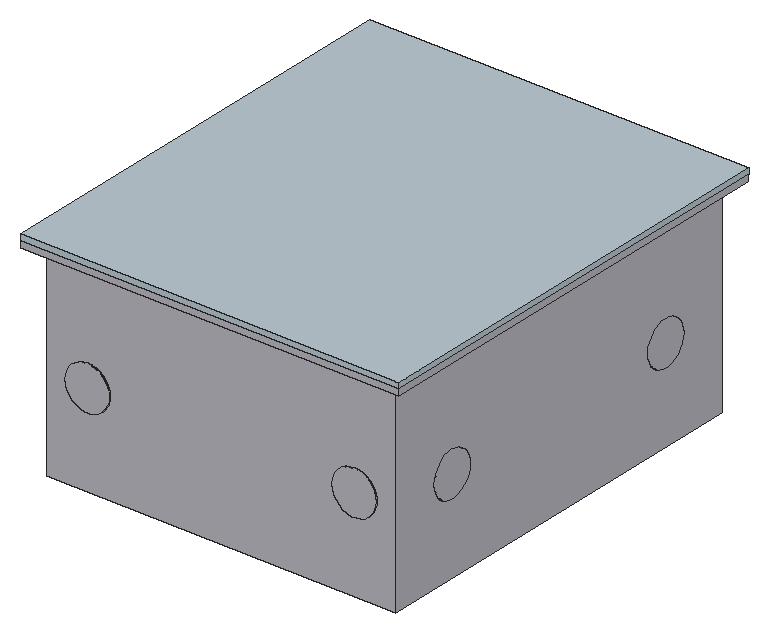
Revit family "Electrical_Equipment-Floor_Box-Hubbell_Wiring-8_Gang-Ball_Room-CFB8FC2", category Electrical Fixtures, host Face, Revit 2015
Parameters (values of type "CFB8FC2")
  URL = "http://www.hubbell-wiring.com/"
  Product data url = "https://bimobject.com/hubbellwiring/product/hubbell-cfb8fc2"
  Product Page URL = "http://ecatalog.hubbell-wiring.com/productinformation/viewcatalog.aspx?Dest=hubbell-wiring.com/press/catalog/O.pdf"
  Product Documentation Link = "http://www.hubbell-wiring.com/press/pdfs/WLBD002.pdf"
  Model = "CFB8FC2"  # constant formula
  Manufacturer = "Hubbell-Wiring"  # constant formula
  Keynote = ""
  Description = "Recessed Ballroom Series Floor Boxes 8 Gang, Finished Concrete"  # constant formula
  Default Elevation = 0.00"
  Cover Type [instance] = Covers : CFB8CVRALU2
  Conduit Connector_9 Description = "Conduit 1.5in, 1.25in. or 1in. Connection"
  Conduit Connector_8 Description = "Conduit 1.5in, 1.25in. or 1in. Connection"
  Conduit Connector_7 Description = "Conduit 1.5in, 1.25in. or 1in. Connection"
  Conduit Connector_6 Description = "Conduit 1.5in, 1.25in. or 1in. Connection"
  Conduit Connector_5 Description = "Conduit 1.5in, 1.25in. or 1in. Connection"
  Conduit Connector_4 Description = "Conduit 1.5in, 1.25in. or 1in. Connection"
  Conduit Connector_3 Description = "Conduit 1.5in, 1.25in. or 1in. Connection"
  Conduit Connector_2 Description = "Conduit 1.5in, 1.25in. or 1in. Connection"
  Conduit Connector_12 Description = "Conduit 1.5in, 1.25in. or 1in. Connection"
  Conduit Connector_11 Description = "Conduit 1.5in, 1.25in. or 1in. Connection"
  Conduit Connector_10 Description = "Conduit 1.5in, 1.25in. or 1in. Connection"
  Conduit Connector_1 Description = "Conduit 1.5in, 1.25in. or 1in. Connection"
  Conduit Connector 1 Radius = 0.75"
  Box Material = Metal - Hubbell - Steel
  Assembly Code = "D5020115"
Reference planes (in)
  plane 1 "Center (Front/Back)": y = 0
  plane 2 "Reference level": z = 0
  plane 3 "Center (Left/Right)": x = 0
  plane 4: z = -7.15
  plane 5: y = -7.375
  plane 6: y = 7.375
  plane 7: x = -6.375
  plane 8: x = 6.375
  plane 9: x = -5.875
  plane 10: y = 6.875
  plane 11: y = -6.875
  plane 12: x = 5.875
  plane 13: z = -6.45
  plane 14: x = -4.5
  plane 15: x = 4.5
  plane 16: y = 4.5
  plane 17: y = -4.5
  plane 18: z = -4
  plane 19: x = -5.885
  plane 20: y = -6.885
  plane 21: x = 5.885
  plane 22: y = 6.885
  plane 23: z = -7.16
Forms (in)
  Extrusion 1, solid, material "Metal - Hubbell - Steel" <- "Box Material"
    sketch origin (0, 0, 0) x (1, 0, 0) y (0, 1, 0)
      loop
        line (-5.875, 6.875) -> (-5.875, -6.875) -> (5.875, -6.875) -> (5.875, 6.875) -> (-5.875, 6.875)
    from -7.15 to -6.45
  Extrusion 2, solid, material "Metal - Hubbell - Steel" <- "Box Material", detail levels medium+fine
    sketch origin (0, 0, 0) x (1, 0, 0) y (0, 0, 1)
      loop
        circle (-4.5, -4) r 0.75
      loop
        circle (4.5, -4) r 0.75
    from 6.875 to 6.885
  Extrusion 3, solid, material "Metal - Hubbell - Steel" <- "Box Material", detail levels medium+fine
    sketch origin (0, 0, 0) x (1, 0, 0) y (0, 0, -1)
      loop
        circle (-4.5, 4) r 0.75
      loop
        circle (4.5, 4) r 0.75
    from 6.875 to 6.885
  Extrusion 4, solid, material "Metal - Hubbell - Steel" <- "Box Material", detail levels medium+fine
    sketch origin (0, 0, 0) x (0, 1, 0) y (0, 0, 1)
      loop
        circle (4.5, -4) r 0.75
      loop
        circle (-4.5, -4) r 0.75
    from -5.885 to -5.875
  Extrusion 5, solid, material "Metal - Hubbell - Steel" <- "Box Material", detail levels medium+fine
    sketch origin (0, 0, 0) x (0, 1, 0) y (0, 0, -1)
      loop
        circle (4.5, 4) r 0.75
      loop
        circle (-4.5, 4) r 0.75
    from -5.885 to -5.875
  Extrusion 6, solid, material "Metal - Hubbell - Steel" <- "Box Material", detail levels medium+fine
    sketch origin (0, 0, 0) x (1, 0, 0) y (0, 1, 0)
      loop
        circle (-4.5, 4.5) r 0.75
      loop
        circle (4.5, 4.5) r 0.75
      loop
        circle (-4.5, -4.5) r 0.75
      loop
        circle (4.5, -4.5) r 0.75
    from -7.16 to -7.15
  Sweep 7, solid, material "Metal - Hubbell - Steel" <- "Box Material"
    path origin (0, 0, 0) x (1, 0, 0) y (0, 1, 0)
      loop
        line (-6.375, 7.375) -> (-6.375, -7.375) -> (6.375, -7.375) -> (6.375, 7.375) -> (-6.375, 7.375)
    profile origin (-6.375, 0, 0) x (1, 0, 0) y (0, 0, 1)
      loop
        line (0, -0.2) -> (0.5, -0.2) -> (0.5, -6.45) -> (0.75, -6.45) -> (0.75, 0) -> (0, 0) -> (0, -0.2)
  Extrusion 8, void
    sketch origin (0, 0, 0) x (1, 0, 0) y (0, 1, 0)
      loop
        line (-6.375, 7.375) -> (-6.375, -7.375) -> (6.375, -7.375) -> (6.375, 7.375) -> (-6.375, 7.375)
    from -7.16 to 0
Cuts and joins
  joined: Extrusion 1, Sweep 7
Lines and regions (in)
  symbolic lines
    curve 1: line (-5.875, 0, 0) -> (-5.875, 0, -7.15)
    curve 2: line (-5.875, 0, -7.15) -> (5.875, 0, -7.15)
    curve 3: line (5.875, 0, -7.15) -> (5.875, 0, 0)
    curve 4: line (0, -6.875, 0) -> (0, -6.875, -7.15)
    curve 5: line (0, -6.875, -7.15) -> (0, 6.875, -7.15)
    curve 6: line (0, 6.875, -7.15) -> (0, 6.875, 0)
    curve 7: line (-6.375, 7.375, 0) -> (6.375, 7.375, 0)
    curve 8: line (-6.375, -7.375, 0) -> (-6.375, 7.375, 0)
    curve 9: line (6.375, -7.375, 0) -> (-6.375, -7.375, 0)
    curve 10: line (6.375, 7.375, 0) -> (6.375, -7.375, 0)
Dimensions and locks (in)
  plane 4 to plane 2 "Reference level" = 7.15"
  equal spacing: plane 6, plane 1 "Center (Front/Back)", plane 5
  plane 6 to plane 5 = 14.75"
  equal spacing: plane 7, plane 3 "Center (Left/Right)", plane 8
  plane 7 to plane 8 = 12.75"
  equal spacing: plane 9, plane 3 "Center (Left/Right)", plane 12
  equal spacing: plane 10, plane 1 "Center (Front/Back)", plane 11
  plane 6 to plane 10 = 0.50"
  plane 12 to plane 8 = 0.50"
  equal spacing: plane 14, nested 1, plane 15
  plane 14 to nested 1 = 4.50"
  equal spacing: plane 16, plane 1 "Center (Front/Back)", plane 17
  plane 16 to plane 1 "Center (Front/Back)" = 4.50"
  plane 2 "Reference level" to plane 18 = 4.00"
  "Conduit Connector 1 Radius": radius of Extrusion 2 sketch curve  (x2)
  "Conduit Connector 1 Radius": radius of Extrusion 3 sketch curve  (x2)
  "Conduit Connector 1 Radius": radius of Extrusion 4 sketch curve  (x2)
  "Conduit Connector 1 Radius": radius of Extrusion 5 sketch curve  (x2)
  "Conduit Connector 1 Radius": radius of Extrusion 6 sketch curve  (x4)
  aligned and locked: host face to plane 2 "Reference level"
  aligned and locked: level to host face
  aligned and locked: Extrusion 1 to plane 4
  aligned and locked: plane 3 "Center (Left/Right)" to nested 1
  aligned and locked: plane 1 "Center (Front/Back)" to nested 1
  aligned and locked: curve 2 to plane 4
  aligned and locked: plane 18 to Extrusion 2 sketch curve  (x2)
  aligned and locked: plane 14 to Extrusion 2 sketch curve
  aligned and locked: plane 15 to Extrusion 2 sketch curve
  aligned and locked: Extrusion 2 to plane 20
  aligned and locked: plane 22 to Extrusion 3
  aligned and locked: plane 15 to Extrusion 3 sketch curve
  aligned and locked: plane 18 to Extrusion 3 sketch curve  (x2)
  aligned and locked: plane 14 to Extrusion 3 sketch curve
  aligned and locked: plane 16 to Extrusion 4 sketch curve
  aligned and locked: plane 17 to Extrusion 4 sketch curve
  aligned and locked: plane 18 to Extrusion 4 sketch curve  (x2)
  aligned and locked: Extrusion 4 to plane 19
  aligned and locked: plane 21 to Extrusion 5
  aligned and locked: plane 14 to Extrusion 6 sketch curve  (x2)
  aligned and locked: plane 16 to Extrusion 6 sketch curve  (x2)
  aligned and locked: plane 15 to Extrusion 6 sketch curve  (x2)
  aligned and locked: plane 17 to Extrusion 6 sketch curve  (x2)
  aligned and locked: Extrusion 6 to plane 23
  aligned and locked: plane 4 to Extrusion 6
  aligned and locked: Extrusion 1 sketch curve to plane 10
  aligned and locked: plane 9 to Extrusion 1 sketch curve
  aligned and locked: plane 11 to Extrusion 1 sketch curve
  aligned and locked: Extrusion 1 sketch curve to plane 12
  aligned and locked: Extrusion 5 to Extrusion 1
  aligned and locked: Extrusion 3 to Extrusion 1
  aligned and locked: Extrusion 4 to Extrusion 1
  aligned and locked: Extrusion 2 to Extrusion 1
  aligned and locked: Sweep 7 sketch curve to plane 6
  aligned and locked: Sweep 7 sketch curve to plane 7
  aligned and locked: Sweep 7 sketch curve to plane 5
  aligned and locked: Sweep 7 sketch curve to plane 8
  aligned and locked: Sweep 7 sketch curve to plane 13
  aligned and locked: plane 2 "Reference level" to Sweep 7 sketch curve
  aligned and locked: Sweep 7 sketch curve to plane 9
  aligned and locked: plane 8 to Extrusion 8
  aligned and locked: plane 6 to Extrusion 8
  aligned and locked: Extrusion 8 to plane 7
  aligned and locked: Extrusion 8 to plane 5
  aligned and locked: plane 2 "Reference level" to Extrusion 8
  aligned and locked: Extrusion 8 to Extrusion 6
  aligned and locked: plane 13 to Extrusion 1
  aligned and locked: curve 6 to plane 10
  aligned and locked: plane 11 to curve 4
  aligned and locked: curve 7 to nested 1
  aligned and locked: curve 8 to nested 1
  aligned and locked: curve 9 to nested 1
  aligned and locked: curve 10 to nested 1
  aligned and locked: curve 3 to plane 12
  aligned and locked: plane 9 to curve 1
  aligned and locked: plane 18 to Extrusion 5 sketch curve  (x2)
  aligned and locked: plane 16 to Extrusion 5 sketch curve
  aligned and locked: plane 17 to Extrusion 5 sketch curve
Automatic sketch dimensions
  host sketch curve to host sketch curve = 96.00"  (x2)
  profile plane to Sweep 7 sketch curve = 0.00"
  Sweep 7 sketch curve to level = 0.20"
  Sweep 7 sketch curve to Sweep 7 sketch curve = 0.25"
  curve 5 to plane 4 = 0.00"
  Extrusion 8 sketch curve to plane 5 = 0.00"
  Extrusion 8 sketch curve to plane 7 = 0.00"
  plane 7 to Extrusion 8 sketch curve = 12.75"
  plane 6 to Extrusion 8 sketch curve = 0.00"
  curve 6 to level = 0.00"
  curve 4 to level = 0.00"
  curve 3 to level = 0.00"
  curve 1 to level = 0.00"
Nested families (in)
  nested 1: "Covers" at (0, 0, 0), type <- "Cover Type", type "CFB8CVRALU2"
Connectors (in)
  cabletrayconduit at (-4.5, -6.885, -4), diameter 1.5, driven by "Conduit Connector 1 Radius", driven by "Conduit Connector_1 Description"
    settings: on Extrusion 2, index 1, connector width 12.00", connector height 12.00", connector angle 0.00°, system type 32, placement type 0, profile type 0, connector reference index -1, is primary connector yes, connector utility param no, connector description "Conduit 1.5in, 1.25in. or 1in. Connection"
  cabletrayconduit at (4.5, -6.885, -4), diameter 1.5, driven by "Conduit Connector 1 Radius", driven by "Conduit Connector_2 Description"
    settings: on Extrusion 2, index 2, connector width 12.00", connector height 12.00", connector angle 0.00°, system type 32, placement type 0, profile type 0, connector reference index -1, is primary connector no, connector utility param no, connector description "Conduit 1.5in, 1.25in. or 1in. Connection"
  cabletrayconduit at (5.885, -4.5, -4), diameter 1.5, driven by "Conduit Connector 1 Radius", driven by "Conduit Connector_3 Description"
    settings: on Extrusion 5, index 3, connector width 12.00", connector height 12.00", connector angle 0.00°, system type 32, placement type 0, profile type 0, connector reference index -1, is primary connector no, connector utility param no, connector description "Conduit 1.5in, 1.25in. or 1in. Connection"
  cabletrayconduit at (5.885, 4.5, -4), diameter 1.5, driven by "Conduit Connector 1 Radius", driven by "Conduit Connector_4 Description"
    settings: on Extrusion 5, index 4, connector width 12.00", connector height 12.00", connector angle 0.00°, system type 32, placement type 0, profile type 0, connector reference index -1, is primary connector no, connector utility param no, connector description "Conduit 1.5in, 1.25in. or 1in. Connection"
  cabletrayconduit at (4.5, 6.885, -4), diameter 1.5, driven by "Conduit Connector 1 Radius", driven by "Conduit Connector_5 Description"
    settings: on Extrusion 3, index 5, connector width 12.00", connector height 12.00", connector angle 0.00°, system type 32, placement type 0, profile type 0, connector reference index -1, is primary connector no, connector utility param no, connector description "Conduit 1.5in, 1.25in. or 1in. Connection"
  cabletrayconduit at (-4.5, 6.885, -4), diameter 1.5, driven by "Conduit Connector 1 Radius", driven by "Conduit Connector_6 Description"
    settings: on Extrusion 3, index 6, connector width 12.00", connector height 12.00", connector angle 0.00°, system type 32, placement type 0, profile type 0, connector reference index -1, is primary connector no, connector utility param no, connector description "Conduit 1.5in, 1.25in. or 1in. Connection"
  cabletrayconduit at (-5.885, 4.5, -4), diameter 1.5, driven by "Conduit Connector 1 Radius", driven by "Conduit Connector_7 Description"
    settings: on Extrusion 4, index 7, connector width 12.00", connector height 12.00", connector angle 0.00°, system type 32, placement type 0, profile type 0, connector reference index -1, is primary connector no, connector utility param no, connector description "Conduit 1.5in, 1.25in. or 1in. Connection"
  cabletrayconduit at (-5.885, -4.5, -4), diameter 1.5, driven by "Conduit Connector 1 Radius", driven by "Conduit Connector_8 Description"
    settings: on Extrusion 4, index 8, connector width 12.00", connector height 12.00", connector angle 0.00°, system type 32, placement type 0, profile type 0, connector reference index -1, is primary connector no, connector utility param no, connector description "Conduit 1.5in, 1.25in. or 1in. Connection"
  cabletrayconduit at (-4.5, -4.5, -7.16), diameter 1.5, driven by "Conduit Connector 1 Radius", driven by "Conduit Connector_9 Description"
    settings: on Extrusion 6, index 9, connector width 12.00", connector height 12.00", connector angle 0.00°, system type 32, placement type 0, profile type 0, connector reference index -1, is primary connector no, connector utility param no, connector description "Conduit 1.5in, 1.25in. or 1in. Connection"
  cabletrayconduit at (4.5, -4.5, -7.16), diameter 1.5, driven by "Conduit Connector 1 Radius", driven by "Conduit Connector_10 Description"
    settings: on Extrusion 6, index 10, connector width 12.00", connector height 12.00", connector angle 0.00°, system type 32, placement type 0, profile type 0, connector reference index -1, is primary connector no, connector utility param no, connector description "Conduit 1.5in, 1.25in. or 1in. Connection"
  cabletrayconduit at (4.5, 4.5, -7.16), diameter 1.5, driven by "Conduit Connector 1 Radius", driven by "Conduit Connector_11 Description"
    settings: on Extrusion 6, index 11, connector width 12.00", connector height 12.00", connector angle 0.00°, system type 32, placement type 0, profile type 0, connector reference index -1, is primary connector no, connector utility param no, connector description "Conduit 1.5in, 1.25in. or 1in. Connection"
  cabletrayconduit at (-4.5, 4.5, -7.16), diameter 1.5, driven by "Conduit Connector 1 Radius", driven by "Conduit Connector_12 Description"
    settings: on Extrusion 6, index 12, connector width 12.00", connector height 12.00", connector angle 0.00°, system type 32, placement type 0, profile type 0, connector reference index -1, is primary connector no, connector utility param no, connector description "Conduit 1.5in, 1.25in. or 1in. Connection"
Definition of nested family "Covers"
  Parameters
    URL = "http://www.hubbell-wiring.com/"
    Product Page URL = ""
    Product Documentation Link = ""
    Model = "CFB8CVRALU1"
    Manufacturer = "Hubbell-Wiring"  # constant formula
    Egress Doors = yes
    Description = "Ball Room Floor Box Cover Aluminum"  # constant formula
    Default Elevation = 0.00"
    Cover Material = none
    Assembly Code = "D5020115"
  Reference planes (in)
    plane 1 "Center (Front/Back)": y = 0
    plane 2: z = 0
    plane 3 "Center (Left/Right)": x = 0
    plane 4: y = 7.375
    plane 5: y = -7.375
    plane 6: x = -6.375
    plane 7: x = 6.375
  Forms (in)
    Extrusion 1, solid
      sketch origin (0, 0, 0) x (1, 0, 0) y (0, 1, 0)
        loop
          line (-48, 48) -> (-48, -48) -> (48, -48) -> (48, 48) -> (-48, 48)
      from 0 to -12
    Extrusion 2, solid, material <- "Cover Material"
      sketch origin (13.10627, 8.55597, 0) x (1, 0, 0) y (0, 1, 0)
        loop
          line (-19.48127, -1.18097) -> (-19.48127, -15.93097) -> (-6.73127, -15.93097) -> (-6.73127, -1.18097) -> (-19.48127, -1.18097)
      from 0 to 0.2
  Lines and regions (in)
    symbolic lines
      curve 1: line (0, 7.375, 0.2) -> (0, -7.375, 0.2)
      curve 2: line (0, 7.375, 0) -> (0, 7.375, 0.2)
      curve 3: line (0, -7.375, 0) -> (0, 7.375, 0)
      curve 4: line (0, -7.375, 0.2) -> (0, -7.375, 0)
      curve 19: line (-6.375, 0, 0.2) -> (6.375, 0, 0.2)
      curve 20: line (-6.375, 0, 0) -> (-6.375, 0, 0.2)
      curve 21: line (6.375, 0, 0) -> (-6.375, 0, 0)
      curve 22: line (6.375, 0, 0.2) -> (6.375, 0, 0)
      curve 23: line (-6.375, 7.375, 0) -> (6.375, 7.375, 0)
      curve 24: line (-6.375, -7.375, 0) -> (-6.375, 7.375, 0)
      curve 25: line (6.375, -7.375, 0) -> (-6.375, -7.375, 0)
      curve 26: line (6.375, 7.375, 0) -> (6.375, -7.375, 0)
    model lines, visible <- "Egress Doors"
      curve 5: line (-6.375, 1.125, 0.2) -> (-5.375, 1.125, 0.2)
      curve 6: line (-6.375, -0.875, 0.2) -> (-5.375, -0.875, 0.2)
      curve 7: arc (-5.375, -0.875, 0.2) -> (-4.375, 0.125, 0.2) -> (-5.375, 1.125, 0.2) r 1
      curve 8: line (-5.79065, 0.625, 0.2) -> (-5.29065, 0.625, 0.2)
      curve 9: line (-5.79065, -0.375, 0.2) -> (-5.29065, -0.375, 0.2)
      curve 10: arc (-5.29065, -0.375, 0.2) -> (-4.79065, 0.125, 0.2) -> (-5.29065, 0.625, 0.2) r 0.5
      curve 11: line (-5.79065, 0.625, 0.2) -> (-5.79065, -0.375, 0.2)
      curve 12: line (6.375, 1.125, 0.2) -> (5.375, 1.125, 0.2)
      curve 13: line (6.375, -0.875, 0.2) -> (5.375, -0.875, 0.2)
      curve 14: arc (5.375, -0.875, 0.2) -> (4.375, 0.125, 0.2) -> (5.375, 1.125, 0.2) r 1
      curve 15: line (5.79065, 0.625, 0.2) -> (5.29065, 0.625, 0.2)
      curve 16: line (5.79065, -0.375, 0.2) -> (5.29065, -0.375, 0.2)
      curve 17: arc (5.29065, -0.375, 0.2) -> (4.79065, 0.125, 0.2) -> (5.29065, 0.625, 0.2) r 0.5
      curve 18: line (5.79065, 0.625, 0.2) -> (5.79065, -0.375, 0.2)
  Dimensions and locks (in)
    equal spacing: plane 4, plane 1 "Center (Front/Back)", plane 5
    plane 1 "Center (Front/Back)" to plane 4 = 7.375"
    equal spacing: plane 6, plane 3 "Center (Left/Right)", plane 7
    plane 6 to plane 3 "Center (Left/Right)" = 6.375"
    plane 4 to plane 5 = 14.75"
    aligned and locked: plane 2 to Extrusion 1
    aligned and locked: level to Extrusion 1
    aligned and locked: plane 7 to Extrusion 2
    aligned and locked: plane 4 to Extrusion 2
    aligned and locked: Extrusion 2 to plane 6
    aligned and locked: Extrusion 2 to plane 5
    aligned and locked: curve 19 to Extrusion 2
    aligned and locked: curve 20 to Extrusion 2
    aligned and locked: plane 2 to curve 21
    aligned and locked: curve 22 to plane 7
    aligned and locked: curve 23 to Extrusion 2
    aligned and locked: curve 24 to Extrusion 2
    aligned and locked: curve 25 to Extrusion 2
    aligned and locked: curve 26 to Extrusion 2
  Automatic sketch dimensions
    Extrusion 1 sketch curve to Extrusion 1 sketch curve = 96.00"  (x2)
    Extrusion 2 sketch curve to plane 5 = 0.00"
    Extrusion 2 sketch curve to plane 6 = 0.00"
    Extrusion 2 sketch curve to plane 7 = 0.00"
    Extrusion 2 sketch curve to plane 4 = 0.00"
    curve 1 to plane 5 = 0.00"
    curve 3 to level = 0.00"
    curve 3 to plane 4 = 0.00"
    level to curve 2 = 0.20"
    Extrusion 2 to curve 6 = 0.00"
    Extrusion 2 to curve 5 = 0.00"
    curve 11 to Extrusion 2 = 0.58435"
    curve 7 to Extrusion 2 = 1.00"
    curve 10 to Extrusion 2 = 1.08435"
    curve 17 to Extrusion 2 = 1.08435"
    curve 17 to curve 14 = 0.08435"
    curve 17 to curve 16 = 0.50"
    curve 15 to curve 12 = 0.58435"
    curve 16 to curve 13 = 0.58435"
    curve 13 to Extrusion 2 = 6.50"
    curve 6 to Extrusion 2 = 6.50"
    curve 13 to curve 17 = 0.50"
    curve 6 to curve 9 = 0.50"
    curve 17 to curve 14 = 0.50"
    curve 9 to curve 7 = 0.50"
    curve 7 to curve 10 = 0.00"
    curve 17 to curve 14 = 0.00"
